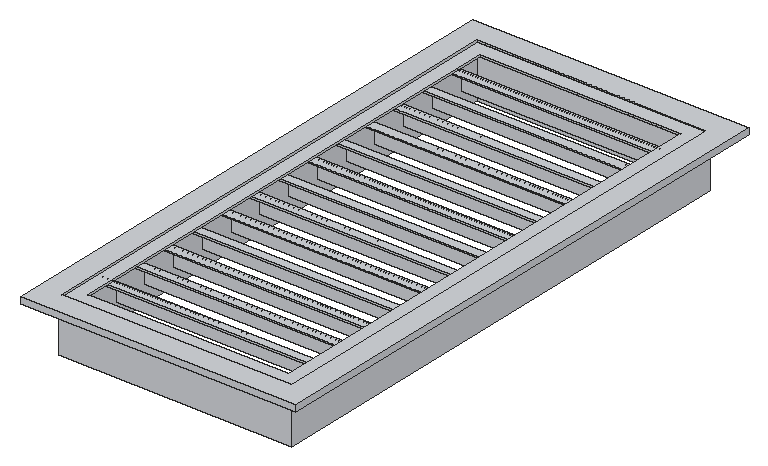
Revit family "GRSDV-Vertical Air Grille", category Generic Models, host Face, Revit 2019
Family settings
  Host = Face
  Can host rebar = No
  Round Connector Dimension = Use Diameter
  Part Type = Normal
  Cut with Voids When Loaded = No
  Shared = No
  Room Calculation Point = No
Parameters
  Default Elevation = 48.00"
Reference planes (in)
  plane 1 "Center (Front/Back)": y = 0
  plane 2: z = 0
  plane 3 "Center (Left/Right)": x = 0
Forms (in)
  Extrusion 1, solid
    sketch origin (-18.5625, 20.90625, 0) x (1, 0, 0) y (0, 1, 0)
      loop
        line (21.2925, -14.25462) -> (15.8325, -14.25462) -> (15.8325, -27.57375) -> (21.2925, -27.57375) -> (21.2925, -14.25462)
      loop
        line (15.4325, -13.83875) -> (15.4325, -27.97375) -> (21.6925, -27.97375) -> (21.6925, -13.83875) -> (15.4325, -13.83875)
    from 0.08 to 0.12
  Extrusion 2, solid
    sketch origin (-18.5625, 20.90625, 0) x (1, 0, 0) y (0, 1, 0)
      loop
        line (22.3125, -13.21875) -> (14.8125, -13.21875) -> (14.8125, -28.59375) -> (22.3125, -28.59375) -> (22.3125, -13.21875)
      loop
        line (15.4325, -13.83875) -> (15.4325, -27.97375) -> (21.6925, -27.97375) -> (21.6925, -13.83875) -> (15.4325, -13.83875)
    from 0 to 0.16
  Extrusion 3, solid
    sketch origin (-18.5625, 20.90625, 0) x (1, 0, 0) y (0, 1, 0)
      loop
        line (21.7325, -13.79875) -> (15.3925, -13.79875) -> (15.3925, -28.01375) -> (21.7325, -28.01375) -> (21.7325, -13.79875)
      loop
        line (15.4325, -13.83875) -> (15.4325, -27.97375) -> (21.6925, -27.97375) -> (21.6925, -13.83875) -> (15.4325, -13.83875)
    from 0 to -1.31
  Extrusion 4, solid
    sketch origin (0, -4.00813, 0) x (0, -1, 0) y (0, 0, 1)
      loop
        line (1.176, -0.48569) -> (1.176, -0.82069) -> (1.216, -0.82069) -> (1.216, -0.50225) -> (1.75825, 0.04) -> (1.99169, 0.04) -> (1.99169, 0.08) -> (1.74169, 0.08) -> (1.176, -0.48569)
      loop
        line (2.71869, 0.08) -> (2.153, -0.48569) -> (2.153, -0.82069) -> (2.193, -0.82069) -> (2.193, -0.50225) -> (2.73525, 0.04) -> (2.96869, 0.04) -> (2.96869, 0.08) -> (2.71869, 0.08)
      loop
        line (0.199, -0.48569) -> (0.199, -0.82069) -> (0.239, -0.82069) -> (0.239, -0.50225) -> (0.78125, 0.04) -> (1.01469, 0.04) -> (1.01469, 0.08) -> (0.76469, 0.08) -> (0.199, -0.48569)
      loop
        line (-0.778, -0.48569) -> (-0.778, -0.82069) -> (-0.738, -0.82069) -> (-0.738, -0.50225) -> (-0.19575, 0.04) -> (0.03769, 0.04) -> (0.03769, 0.08) -> (-0.21231, 0.08) -> (-0.778, -0.48569)
      loop
        line (-1.755, -0.48569) -> (-1.755, -0.82069) -> (-1.715, -0.82069) -> (-1.715, -0.50225) -> (-1.17275, 0.04) -> (-0.93931, 0.04) -> (-0.93931, 0.08) -> (-1.18931, 0.08) -> (-1.755, -0.48569)
      loop
        line (-2.732, -0.48569) -> (-2.732, -0.82069) -> (-2.692, -0.82069) -> (-2.692, -0.50225) -> (-2.14975, 0.04) -> (-1.91631, 0.04) -> (-1.91631, 0.08) -> (-2.16631, 0.08) -> (-2.732, -0.48569)
      loop
        line (-3.709, -0.48569) -> (-3.709, -0.82069) -> (-3.669, -0.82069) -> (-3.669, -0.50225) -> (-3.12675, 0.04) -> (-2.89331, 0.04) -> (-2.89331, 0.08) -> (-3.14331, 0.08) -> (-3.709, -0.48569)
      loop
        line (-4.686, -0.48569) -> (-4.686, -0.82069) -> (-4.646, -0.82069) -> (-4.646, -0.50225) -> (-4.10375, 0.04) -> (-3.87031, 0.04) -> (-3.87031, 0.08) -> (-4.12031, 0.08) -> (-4.686, -0.48569)
      loop
        line (-5.663, -0.48569) -> (-5.663, -0.82069) -> (-5.623, -0.82069) -> (-5.623, -0.50225) -> (-5.08075, 0.04) -> (-4.84731, 0.04) -> (-4.84731, 0.08) -> (-5.09731, 0.08) -> (-5.663, -0.48569)
      loop
        line (-6.64, -0.48569) -> (-6.64, -0.82069) -> (-6.6, -0.82069) -> (-6.6, -0.50225) -> (-6.05775, 0.04) -> (-5.82431, 0.04) -> (-5.82431, 0.08) -> (-6.07431, 0.08) -> (-6.64, -0.48569)
      loop
        line (-7.617, -0.48569) -> (-7.617, -0.82069) -> (-7.577, -0.82069) -> (-7.577, -0.50225) -> (-7.03475, 0.04) -> (-6.80131, 0.04) -> (-6.80131, 0.08) -> (-7.05131, 0.08) -> (-7.617, -0.48569)
      loop
        line (-8.594, -0.48569) -> (-8.594, -0.82069) -> (-8.554, -0.82069) -> (-8.554, -0.50225) -> (-8.01175, 0.04) -> (-7.77831, 0.04) -> (-7.77831, 0.08) -> (-8.02831, 0.08) -> (-8.594, -0.48569)
      loop
        line (-9.571, -0.48569) -> (-9.571, -0.82069) -> (-9.531, -0.82069) -> (-9.531, -0.50225) -> (-8.98875, 0.04) -> (-8.75531, 0.04) -> (-8.75531, 0.08) -> (-9.00531, 0.08) -> (-9.571, -0.48569)
      loop
        line (-10.548, -0.48569) -> (-10.548, -0.82069) -> (-10.508, -0.82069) -> (-10.508, -0.50225) -> (-9.96575, 0.04) -> (-9.73231, 0.04) -> (-9.73231, 0.08) -> (-9.98231, 0.08) -> (-10.548, -0.48569)
    from -3.13 to 3.13
Dimensions and locks (in)
  aligned and locked: plane 2 to host face
  aligned and locked: level to host face
